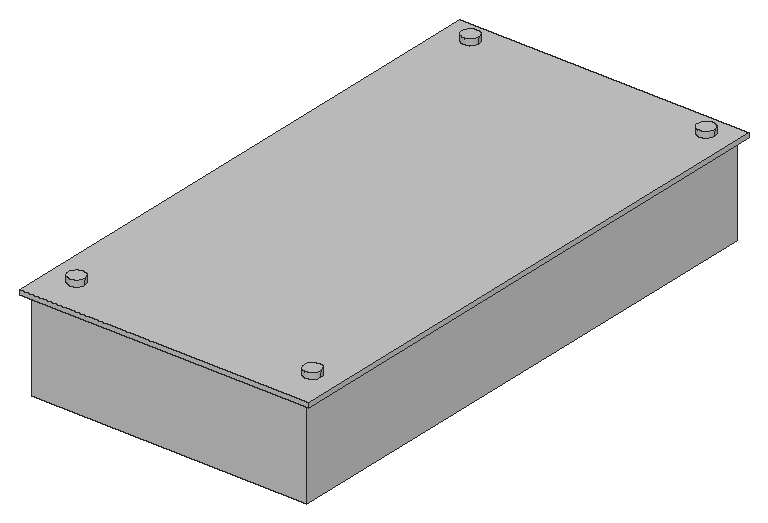
Revit family "Power_Module-Lutron-Lumaris-LU-PS3-A_1 (1)", category Lighting Devices, host Face, Revit 2021
Family settings
  Host = Face
  Maintain Annotation Orientation = Yes
  Round Connector Dimension = Use Diameter
  Part Type = Switch
  OmniClass Number = 23.85.80.11.27
  OmniClass Title = Lighting Controls
  Cut with Voids When Loaded = No
  Shared = No
  Room Calculation Point = No
Parameters (values of type "LU-PH3-A")
  Warranty URL = "http://www.lutron.com/en-US/Service-Support/Pages/Service/Warranty/Warranty.aspx"
  Voltage Comment = "Must be permanently connected fixed wiring for 277 V~\r\napplication."  # constant formula
  Voltage = 220 V
  Video Link = "https://www.youtube.com/user/LutronElectronicsInc"
  Version = "2021 - v1.0a"  # constant formula
  URL = "http://www.lutron.com"
  Type Comments = ""
  Support Phone = "(224) 699-9545"  # constant formula
  Support Email = "mailto: support@bimsmith.com"
  Series = "Lumaris Tunable White Tape Light"  # constant formula
  Product Page URL = "https://luxury.lutron.com/us/en/lighting/lumaris-tunable-white-tape-light#resources"
  Product Name = "Power Interface Enclosure"  # constant formula
  Product Documentation Link = "https://assets.lutron.com/a/documents/3691262_lumaris-tunable-white-tape-light-spec-sheet.pdf"
  Power Factor = 1
  Performance URL = "http://www.lutron.com/en-US/Service-Support/Pages/Technical/PerfomanceSpecs.aspx"
  Overall Width = 0' - 5 1/2"  # constant formula
  Overall Height = 0' - 10 1/2"  # constant formula
  Overall Depth = 0' - 2"  # constant formula
  Number of Poles = 1
  Model = "LU-PH3-A"  # constant formula
  Material = "Contact Manufacturer for More Information"  # constant formula
  Manufacturer Phone Number = "610-282-3800"  # constant formula
  Manufacturer Fax Number = "610-282-1243"  # constant formula
  Manufacturer Email = "mailto:support@lutron.com"
  Manufacturer Address = "7200 Suter Rd, Coopersburg, PA 18036"  # constant formula
  Manufacturer = "Lutron Electronics Co., Inc"  # constant formula
  Load Classification = Lighting
  Keynote = ""
  Instruction Sheet Link = "https://assets.lutron.com/a/documents/3691262_lumaris-tunable-white-tape-light-spec-sheet.pdf"
  Finish = Metal - Lutron - Silver
  Environment = "Ambient operating temperature: 32 °F to 104 °F\r\n(0 °C to 40 °C)"  # constant formula
  Description = "LED Power module"  # constant formula
  Default Elevation = 5' - 0"
  Cost Info = "mailto:custsvc@lutron.com"
  Cost = 0
  Copyright = "© 2024 Lutron Electronics Co., Inc"  # constant formula
  Assembly Code = "D5090900"
  Apparent Load = 0 VA
Reference planes (in)
  plane 1 "Center (Front/Back)": y = 0
  plane 2: z = 0
  plane 3 "Center (Left/Right)": x = 0
  plane 4: y = 5.25
  plane 5: y = -5.25
  plane 6: x = 2.75
  plane 7: x = -2.75
  plane 8: z = 2
  plane 9: y = 0.77546
  plane 10: y = 4.87132
Forms (in)
  Extrusion 1, solid, material "Metal - Lutron - Silver" <- "Finish"
    sketch origin (0, 0, 0) x (1, 0, 0) y (0, 1, 0)
      loop
        line (-2.75, 5.25) -> (-2.75, -5.25) -> (2.75, -5.25) -> (2.75, 5.25) -> (-2.75, 5.25)
    from 2 to 1.91389
  Extrusion 2, solid, material "Metal - Lutron - Silver" <- "Finish"
    sketch origin (0, 0, 0) x (0, 1, 0) y (0, 0, 1)
      loop
        line (5.125, 1.91389) -> (-5.125, 1.91389) -> (-5.125, 0.17806) -> (5.125, 0.17806) -> (5.125, 1.91389)
    from -2.625 to 2.625
  Revolve 3, solid, material "Metal - Lutron - Silver" <- "Finish", detail levels medium+fine
    sketch origin (-1.72344, 0, 0) x (0, 1, 0) y (0, 0, 1)
      loop
        line (4.34906, 0.17806) -> (3.73907, 0.17806) -> (3.73907, 0) -> (4.171, 0)
        arc (4.171, 0) -> (4.29691, 0.05215) -> (4.34906, 0.17806) r 0.17806
      axis (3.73907, 0) -> (3.73907, 0.17806)
    angle from 0 to 360
  Revolve 4, solid, material "Metal - Lutron - Silver" <- "Finish", detail levels medium+fine
    sketch origin (-1.72344, 0.625, 0) x (0, -1, 0) y (0, 0, -1)
      loop
        arc (4.34906, -0.17806) -> (4.29691, -0.05215) -> (4.171, 0) r 0.17806
        line (4.171, 0) -> (3.73907, 0) -> (3.73907, -0.17806) -> (4.34906, -0.17806)
      axis (3.73907, 0) -> (3.73907, -0.17806)
    angle from 0 to 360
  Revolve 5, solid, material "Metal - Lutron - Silver" <- "Finish", detail levels medium+fine
    sketch origin (1.72344, 0, 0) x (0, 1, 0) y (0, 0, -1)
      loop
        arc (4.34906, -0.17806) -> (4.29691, -0.05215) -> (4.171, 0) r 0.17806
        line (4.171, 0) -> (3.73907, 0) -> (3.73907, -0.17806) -> (4.34906, -0.17806)
      axis (3.73907, 0) -> (3.73907, -0.17806)
    angle from 0 to 360
  Revolve 6, solid, material "Metal - Lutron - Silver" <- "Finish", detail levels medium+fine
    sketch origin (1.72344, 0.625, 0) x (0, -1, 0) y (0, 0, 1)
      loop
        line (4.34906, 0.17806) -> (3.73907, 0.17806) -> (3.73907, 0) -> (4.171, 0)
        arc (4.171, 0) -> (4.29691, 0.05215) -> (4.34906, 0.17806) r 0.17806
      axis (3.73907, 0) -> (3.73907, 0.17806)
    angle from 0 to 360
  Revolve 7, solid, material "Plastic - Lutron - Black", detail levels medium+fine
    sketch origin (0, 0, 0.8184) x (1, 0, 0) y (0, 1, 0)
      loop
        line (-2.625, 1.21773) -> (-2.69042, 1.21773) -> (-2.72713, 1.18102) -> (-2.72713, 0.77546) -> (-2.625, 0.77546) -> (-2.625, 1.21773)
      axis (-2.625, 0.77546) -> (-2.72713, 0.77546)
    angle from 0 to 360
  Revolve 8, solid, detail levels coarse
    sketch origin (-1.72344, 0, 0) x (0, 1, 0) y (0, 0, 1)
      loop
        line (4.34906, 0.17806) -> (3.73907, 0.17806) -> (3.73907, 0) -> (4.34906, 0) -> (4.34906, 0.17806)
      axis (3.73907, 0) -> (3.73907, 0.17806)
    angle from 0 to 360
  Revolve 9, solid, detail levels coarse
    sketch origin (-1.72344, 0.625, 0) x (0, -1, 0) y (0, 0, -1)
      loop
        line (4.34906, -0.17806) -> (4.34906, 0) -> (3.73907, 0) -> (3.73907, -0.17806) -> (4.34906, -0.17806)
      axis (3.73907, 0) -> (3.73907, -0.17806)
    angle from 0 to 360
  Revolve 10, solid, detail levels coarse
    sketch origin (1.72344, 0, 0) x (0, 1, 0) y (0, 0, -1)
      loop
        line (4.34906, -0.17806) -> (4.34906, 0) -> (3.73907, 0) -> (3.73907, -0.17806) -> (4.34906, -0.17806)
      axis (3.73907, 0) -> (3.73907, -0.17806)
    angle from 0 to 360
  Revolve 11, solid, detail levels coarse
    sketch origin (1.72344, 0.625, 0) x (0, -1, 0) y (0, 0, 1)
      loop
        line (4.34906, 0.17806) -> (3.73907, 0.17806) -> (3.73907, 0) -> (4.34906, 0) -> (4.34906, 0.17806)
      axis (3.73907, 0) -> (3.73907, 0.17806)
    angle from 0 to 360
  Extrusion 12, solid, material "Metal - Lutron - Silver" <- "Finish", detail levels medium+fine
    sketch origin (0, 0, 0) x (1, 0, 0) y (0, 1, 0)
      loop
        circle (-2.25217, 4.87132) r 0.15758
    from 2 to 2.10416
  Extrusion 13, solid, material "Metal - Lutron - Silver" <- "Finish", detail levels medium+fine
    sketch origin (0, 0.34375, 0) x (1, 0, 0) y (0, 1, 0)
      loop
        circle (-2.25217, -4.87132) r 0.15758
    from 2 to 2.10416
  Extrusion 14, solid, material "Metal - Lutron - Silver" <- "Finish", detail levels medium+fine
    sketch origin (0, 0, 0) x (-1, 0, 0) y (0, -1, 0)
      loop
        circle (-2.25217, -4.87132) r 0.15758
    from 2 to 2.10416
  Extrusion 15, solid, material "Metal - Lutron - Silver" <- "Finish", detail levels medium+fine
    sketch origin (0, 0.34375, 0) x (-1, 0, 0) y (0, -1, 0)
      loop
        circle (-2.25217, 4.87132) r 0.15758
    from 2 to 2.10416
Lines and regions (in)
  Masking region 1
    outline origin (0, 0, 0) x (1, 0, 0) y (0, 0, 1)
      loop
        line (2.75586, 1.13108) -> (-2.75586, 1.13108) -> (-2.75586, 0.51961) -> (-1.74805, 0.51961) -> (-1.63867, 0) -> (1.63867, 0) -> (1.74805, 0.51961) -> (2.75586, 0.51961) -> (2.75586, 1.13108)
  model lines
    curve 1: circle (-2.625, 4.36875, 1.04478) r 0.43884 normal (1, 0, 0)
    curve 2: circle (-2.625, 2.86875, 1.04478) r 0.43884 normal (1, 0, 0)
    curve 3: circle (-2.625, 0.77546, 0.82395) r 0.42344 normal (1, 0, 0)
    curve 4: circle (2.625, 4.36875, 1.04478) r 0.43884 normal (1, 0, 0)
    curve 5: circle (2.625, 2.86875, 1.04478) r 0.43884 normal (1, 0, 0)
    curve 6: circle (-1.48594, 5.125, 1.04478) r 0.43884 normal (0, 1, 0)
    curve 7: circle (1.48594, 5.125, 1.04478) r 0.43884 normal (0, -1, 0)
Dimensions and locks (in)
  equal spacing: plane 7, plane 3 "Center (Left/Right)", plane 6
  equal spacing: plane 4, plane 1 "Center (Front/Back)", plane 5
  "Overall Height": plane 4 to plane 5
  "Overall Width": plane 7 to plane 6
  "Overall Depth": plane 8 to plane 2
  aligned and locked: plane 2 to host face
  aligned and locked: level to host face
  aligned and locked: Extrusion 1 sketch curve to plane 4
  aligned and locked: plane 7 to Extrusion 1 sketch curve
  aligned and locked: plane 5 to Extrusion 1 sketch curve
  aligned and locked: Extrusion 1 sketch curve to plane 6
Automatic sketch dimensions
  host sketch curve to host sketch curve = 8' - 0"  (x2)
  Masking region 1 sketch curve to level = 0' - 0"
  Masking region 1 sketch curve to plane 7 = 0' - 0.00586"
  plane 7 to Masking region 1 sketch curve = 0' - 1.00195"
  Masking region 1 sketch curve to Masking region 1 sketch curve = 0' - 0 7/64"  (x2)
  Masking region 1 sketch curve to plane 6 = 0' - 1.11133"
  plane 6 to Masking region 1 sketch curve = 0' - 0.00586"
  level to Masking region 1 sketch curve = 0' - 0.51961"  (x2)
  Masking region 1 sketch curve to Masking region 1 sketch curve = 0' - 0.61147"
  plane 5 to Extrusion 2 sketch curve = 0' - 0 1/8"
  Extrusion 2 sketch curve to plane 4 = 0' - 0 1/8"
  level to Extrusion 2 sketch curve = 0' - 0.17806"
  Extrusion 2 sketch curve to plane 8 = 0' - 0.08611"
  Revolve 3 sketch curve to level = 0' - 0"
  level to Revolve 3 sketch curve = 0' - 0.17806"
  plane 10 to Revolve 3 sketch curve = 0' - 1.13225"
  Revolve 3 sketch curve to Revolve 3 sketch curve = 0' - 0.43193"
  Revolve 3 sketch curve to Revolve 3 sketch curve = 0' - 0"
  Revolve 3 sketch curve to Revolve 3 sketch curve = 0' - 0.0534"
  Revolve 3 sketch curve to Revolve 3 sketch curve = 0' - 0.22396"
  Revolve 4 sketch curve to level = 0' - 0"
  level to Revolve 4 sketch curve = 0' - 0.17806"
  plane 5 to Revolve 4 sketch curve = 0' - 2.13593"
  Revolve 4 sketch curve to Revolve 4 sketch curve = 0' - 0.43193"
  Revolve 4 sketch curve to Revolve 4 sketch curve = 0' - 0"
  Revolve 4 sketch curve to Revolve 4 sketch curve = 0' - 0.22396"
  Revolve 4 sketch curve to Revolve 4 sketch curve = 0' - 0.0534"
  Revolve 5 sketch curve to level = 0' - 0"
  level to Revolve 5 sketch curve = 0' - 0.17806"
  plane 10 to Revolve 5 sketch curve = 0' - 1.13225"
  Revolve 5 sketch curve to Revolve 5 sketch curve = 0' - 0.43193"
  Revolve 5 sketch curve to Revolve 5 sketch curve = 0' - 0"
  Revolve 5 sketch curve to Revolve 5 sketch curve = 0' - 0.22396"
  Revolve 5 sketch curve to Revolve 5 sketch curve = 0' - 0.0534"
  Revolve 6 sketch curve to level = 0' - 0"
  level to Revolve 6 sketch curve = 0' - 0.17806"
  plane 5 to Revolve 6 sketch curve = 0' - 2.13593"
  Revolve 6 sketch curve to Revolve 6 sketch curve = 0' - 0.43193"
  Revolve 6 sketch curve to Revolve 6 sketch curve = 0' - 0"
  Revolve 6 sketch curve to Revolve 6 sketch curve = 0' - 0.0534"
  Revolve 6 sketch curve to Revolve 6 sketch curve = 0' - 0.22396"
  Extrusion 2 to curve 3 = 0' - 0.64589"
  Extrusion 2 to curve 3 = 0' - 4.34954"
  Extrusion 2 to curve 2 = 0' - 0.86672"
  curve 3 to curve 2 = 0' - 2.09329"
  Extrusion 2 to curve 1 = 0' - 0.75625"
  Extrusion 2 to curve 1 = 0' - 0.86672"
  Revolve 7 sketch curve to plane 9 = 0' - 0"  (x2)
  plane 7 to Revolve 7 sketch curve = 0' - 0.02287"
  Revolve 7 sketch curve to Revolve 7 sketch curve = 0' - 0.03671"  (x2)
  Revolve 7 sketch curve to Revolve 7 sketch curve = 0' - 0.10213"
  plane 9 to Revolve 7 sketch curve = 0' - 0.40556"
  Revolve 7 sketch curve to plane 7 = 0' - 0.16749"
  Revolve 7 sketch curve to Revolve 7 sketch curve = 0' - 0.13037"
  curve 5 to plane 8 = 0' - 0.95522"
  plane 10 to curve 5 = 0' - 2.00257"
  plane 10 to curve 4 = 0' - 0.50257"
  curve 4 to plane 8 = 0' - 0.95522"
  curve 7 to plane 6 = 0' - 1.26406"
  plane 7 to curve 6 = 0' - 1.26406"
  curve 7 to plane 8 = 0' - 0.95522"
  curve 6 to plane 8 = 0' - 0.95522"
  Revolve 8 sketch curve to level = 0' - 0"
  level to Revolve 8 sketch curve = 0' - 0.17806"
  plane 10 to Revolve 8 sketch curve = 0' - 1.13225"
  plane 10 to Revolve 8 sketch curve = 0' - 0.52225"
  Revolve 8 sketch curve to Revolve 8 sketch curve = 0' - 0"
  Revolve 8 sketch curve to Revolve 8 sketch curve = 0' - 0.0534"
  Revolve 8 sketch curve to Revolve 8 sketch curve = 0' - 0.22396"
  Revolve 9 sketch curve to level = 0' - 0"
  level to Revolve 9 sketch curve = 0' - 0.17806"
  plane 5 to Revolve 9 sketch curve = 0' - 2.13593"
  Revolve 9 sketch curve to Revolve 9 sketch curve = 0' - 0.61"
  Revolve 9 sketch curve to Revolve 9 sketch curve = 0' - 0"
  Revolve 9 sketch curve to Revolve 9 sketch curve = 0' - 0.22396"
  Revolve 9 sketch curve to Revolve 9 sketch curve = 0' - 0.0534"
  Revolve 10 sketch curve to level = 0' - 0"
  level to Revolve 10 sketch curve = 0' - 0.17806"
  plane 10 to Revolve 10 sketch curve = 0' - 1.13225"
  plane 10 to Revolve 10 sketch curve = 0' - 0.52225"
  Revolve 10 sketch curve to Revolve 10 sketch curve = 0' - 0"
  Revolve 10 sketch curve to Revolve 10 sketch curve = 0' - 0.22396"
  Revolve 10 sketch curve to Revolve 10 sketch curve = 0' - 0.0534"
  Revolve 11 sketch curve to level = 0' - 0"
  level to Revolve 11 sketch curve = 0' - 0.17806"
  plane 5 to Revolve 11 sketch curve = 0' - 2.13593"
  Revolve 11 sketch curve to Revolve 11 sketch curve = 0' - 0.61"
  Revolve 11 sketch curve to Revolve 11 sketch curve = 0' - 0"
  Revolve 11 sketch curve to Revolve 11 sketch curve = 0' - 0.0534"
  Revolve 11 sketch curve to Revolve 11 sketch curve = 0' - 0.22396"
  plane 10 to Extrusion 12 sketch curve = 0' - 0"
  plane 7 to Extrusion 12 sketch curve = 0' - 0.49783"
  plane 7 to Extrusion 13 sketch curve = 0' - 0.49783"
  plane 5 to Extrusion 13 sketch curve = 0' - 0.72243"
  plane 10 to Extrusion 14 sketch curve = 0' - 0"
  Extrusion 14 sketch curve to plane 6 = 0' - 0.49783"
  Extrusion 15 sketch curve to plane 6 = 0' - 0.49783"
  plane 5 to Extrusion 15 sketch curve = 0' - 0.72243"
  radius of curve 1 = 0' - 0.43884"
  radius of curve 2 = 0' - 0.43884"
  radius of curve 3 = 0' - 0.42344"
  radius of curve 4 = 0' - 0.43884"
  radius of curve 5 = 0' - 0.43884"
  radius of curve 6 = 0' - 0.43884"
  radius of curve 7 = 0' - 0.43884"
  radius of Extrusion 12 sketch curve = 0' - 0.15758"
  radius of Extrusion 13 sketch curve = 0' - 0.15758"
  radius of Extrusion 14 sketch curve = 0' - 0.15758"
  radius of Extrusion 15 sketch curve = 0' - 0.15758"
Connectors (in)
  electrical at (0, 0, 2), driven by "Voltage", driven by "Number of Poles", driven by "Load Classification", driven by "Apparent Load", driven by "Power Factor"
    settings: on Extrusion 1, index 1, voltage 220 V, apparent load 0 VA, apparent load phase1 0 VA, apparent load phase2 0 VA, apparent load phase3 0 VA, power factor 1, load classification "Lighting", number of poles 1, system type 31, power factor state 1, is connector primary yes, connector utility no, sub classification motor no, connector description "Power Connection"
